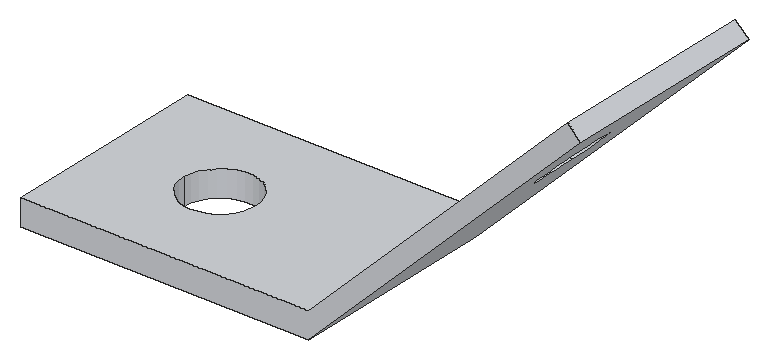
Revit family "MP20", category Generic Models, Revit 2017
Family settings
  Can host rebar = No
  Round Connector Dimension = Use Diameter
  Part Type = Normal
  Work Plane-Based = Yes
  Always vertical = No
  Cut with Voids When Loaded = No
  Shared = No
  Room Calculation Point = No
Parameters (values of type "NBS Standard Parameters")
  Weight = "0.225Kg"
  WarrantyStartDate [instance] = "1900-12-31T23:59:59"
  WarrantyGuarantorParts = "n/a"
  WarrantyGuarantorLabor = "n/a"
  WarrantyDurationUnit = "1 year"
  WarrantyDurationParts = "n/a"
  WarrantyDurationLabor = "n/a"
  WarrantyDescription = "n/a"
  Version = "1"
  Uniclass2 = "Pr_65_70_11_19"
  TagNumber [instance] = "n/a"
  SustainabilityPerformance = "n/a"
  Size = "45 Degree"
  Shape = "Angle"
  SerialNumber [instance] = "n/a"
  Revision = "n/a"
  ReplacementCost = "n/a"
  ProductInformation = "www.metpro.co.uk/pdf/mp20.pdf"
  NominalWidth = 40 mm
  NominalLength = 110 mm
  NominalHeight = 50 mm
  Name = ""
  NBSTypeID = ""
  NBSReference = "90-55-10/305"
  NBSOfficeMasterTag = ""
  NBSNote = ""
  NBSDescription = "Channel Cable Supports"
  NBSCertification = ""
  ModelReference = "MP20"
  ModelNumber = "n/a"
  Material = "Steel"
  ManufacturerURL = "www.metpro.co.uk"
  ManufacturerName = "Metpro Ltd"
  Keynote = "Complaint to LU Standard 1-085"
  InstallationDate [instance] = "1900-12-31T23:59:59"
  IfcExportType = ""
  IfcExportAs = ""
  Grade = "n/a"
  Finish = "Hot Dipped Galvanised"
  Features = "n/a"
  ExpectedLife = "n/a"
  DurationUnit = "year"
  Description = "MP20  45 Degree Obtuse Angle Bracket"
  Default Elevation = 1219.2 mm
  Constituents = "n/a"
  Color = "n/a"
  CodePerformance = "n/a"
  Category = "n/a"
  BarCode [instance] = "n/a"
  BIMObjectName = "metpro_metprolibrary_channelcablesupports_channelbrackets"
  Author = "Metpro Ltd"
  AssetType = ""
  AssetIdentifier [instance] = "n/a"
  AccessibilityPerformance = "n/a"
Reference planes
  plane 1 "Center (Front/Back)": y = 0
  plane 2: z = 0
  plane 3 "Center (Left/Right)": x = 0
Forms (mm)
  Extrusion 1, solid
    sketch origin (0, 0, -286.42) x (1, 0, 0) y (0, 0, 1)
      loop
        line (-28.023, 286.42) -> (-28.023, 281.42) -> (26.977, 281.42) -> (78.975, 333.417) -> (76.475, 335.917) -> (26.977, 286.42) -> (-28.023, 286.42)
    from 0 to 40
  Extrusion 2, void
    sketch origin (-28.023, 0, 0) x (0, 1, 0) y (1, 0, 0)
      loop
        circle (-20, 22.128) r 6.979
    from 0 to 5
  Extrusion 3, void
    sketch origin (26.977, 0, 0) x (-0.707107, 0, -0.707107) y (0, 1, 0)
      loop
        circle (-45.396, -20.334) r 7
    from 0 to 3.536
Cuts and joins
  Extrusion 2, Extrusion 3 cuts Extrusion 1
Dimensions and locks
  aligned and locked: level to plane 2
  aligned and locked: Extrusion 1 to Extrusion 2
  aligned and locked: Extrusion 1 to Extrusion 3
